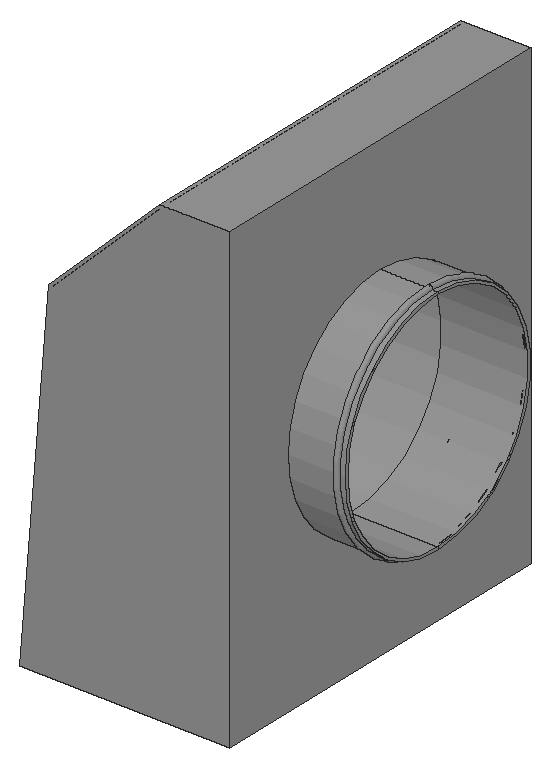
Revit family "ВЦН_ЕС", category Mechanical Equipment, Revit 2021
Family settings
  Round Connector Dimension = Use Diameter
  Classification = None
  Part Type = Normal
  Work Plane-Based = No
  Always vertical = Yes
  Cut with Voids When Loaded = No
  Shared = No
  Room Calculation Point = No
Parameters (values of type "ВЦН 200 ЕС С")
  Ширина = L  # 181.4 mm
  Частота = 50 Hz
  Установлена потужність = Напруга * Струм  # 197.8 VA
  Температура повітря, що переміщається = "-25...+40 °C"
  Струм = 0.86 A
  Статичний тиск повітря [instance] = 0.0 Pa
  Рівень звукового тиску на відстані 3 м = "58 дБА"
  Потужність = 102 W
  Повітряний потік [instance] = 0.0 m³/h
  Default Elevation = 0 mm
  Description = "Зовнішній настінний монтаж"
  Напруга = if(Кількість фаз = 3, 400 V, 230 V)  # 230 V
  Максимальний потік повітря = 755.0 m³/h
  Класифікація навантаження = "HVAC"
  Manufacturer = "Вентс"  # constant formula
  Діаметр = D  # 200 mm
  Довжина = B  # 325 mm
  Горизонт = if(L > 140 mm, (L - 32 mm) / 12 mm - 4, (L - 32 mm) / 12 mm)  # 8
  Висота = H  # 400 mm
  Вертикаль = (B1 - 28 mm) / (2 mm * 12)  # 12
  Вага = 5.30 kg
  h = H / 2  # 200 mm
  b1 = B1 / 2  # 160.5 mm
  URL = "https://vents.ua/ua/product/vcn-100-ec#description"
  R3 = R + 1.5 mm  # 101.5 mm
  R1 = R * 1.3  # 130 mm
  R = D / 2  # 100 mm
  Кількість фаз = 1
  Матеріал зони обслуговуваня = none
  L2 = L1 * 2  # 120.933 mm
  L1 = L / 3  # 60.467 mm
  L = 181.4 mm
  H = 400 mm
  Матеріал корпусу = Метал, пофарбований, синій, матовий RAL 5007
  D = 200 mm
  B1 = B - 4 mm  # 321 mm
  B = 325 mm
  09_Назва системи [instance] = ""
  00_20_Тип = "ВЦН 200 ЕС С"
  00_20_Назва = "Витяжний відцентровий вентилятор"
  00_20_Виробник = "Вентс"  # constant formula
Reference planes
  plane 1 "По центру (Вперед/Назад)": y = 0
  plane 2: z = 0
  plane 3 "По центру (Влево/Вправо)": x = 0
  plane 4: x = -181.4
  plane 5: z = 400
  plane 6: z = 200
Forms (mm)
  Extrusion 1, solid, material "Метал, пофарбований, синій, матовий RAL 5007" <- "Матеріал корпусу"
    sketch origin (0, 0, 0) x (1, 0, 0) y (0, 0, 1)
      loop
        line (0, 0) -> (0, 400) -> (-60.467, 400) -> (-156.184, 304.282) -> (-181.4, 0) -> (0, 0)
    from -162.5 to 162.5
  Extrusion 2, void
    sketch origin (0, 0, 0) x (1, 0, 0) y (0, 0, 1)
      loop
        line (-2, 2) -> (-2, 398) -> (-59.638, 398) -> (-154.252, 303.386) -> (-179.227, 2) -> (-2, 2)
    from -160.5 to 160.5
  Extrusion 3, void
    sketch origin (0, 0, 0) x (1, 0, 0) y (0, 1, 0)
      loop
        line (-121.082, 1) -> (-111.082, 1) -> (-111.082, 11) -> (-121.082, 11) -> (-121.082, 1)
    from 0 to 2
  Extrusion 4, void
    sketch origin (0, 12, 0) x (1, 0, 0) y (0, 1, 0)
      loop
        line (-121.082, 1) -> (-111.082, 1) -> (-111.082, 11) -> (-121.082, 11) -> (-121.082, 1)
    from 0 to 2
  Extrusion 5, void
    sketch origin (0, 24, 0) x (1, 0, 0) y (0, 1, 0)
      loop
        line (-121.082, 1) -> (-111.082, 1) -> (-111.082, 11) -> (-121.082, 11) -> (-121.082, 1)
    from 0 to 2
  Extrusion 6, void
    sketch origin (0, 36, 0) x (1, 0, 0) y (0, 1, 0)
      loop
        line (-121.082, 1) -> (-111.082, 1) -> (-111.082, 11) -> (-121.082, 11) -> (-121.082, 1)
    from 0 to 2
  Extrusion 7, void
    sketch origin (0, 48, 0) x (1, 0, 0) y (0, 1, 0)
      loop
        line (-121.082, 1) -> (-111.082, 1) -> (-111.082, 11) -> (-121.082, 11) -> (-121.082, 1)
    from 0 to 2
  Extrusion 8, void
    sketch origin (0, 60, 0) x (1, 0, 0) y (0, 1, 0)
      loop
        line (-121.082, 1) -> (-111.082, 1) -> (-111.082, 11) -> (-121.082, 11) -> (-121.082, 1)
    from 0 to 2
  Extrusion 9, void
    sketch origin (0, 72, 0) x (1, 0, 0) y (0, 1, 0)
      loop
        line (-121.082, 1) -> (-111.082, 1) -> (-111.082, 11) -> (-121.082, 11) -> (-121.082, 1)
    from 0 to 2
  Extrusion 10, void
    sketch origin (0, 84, 0) x (1, 0, 0) y (0, 1, 0)
      loop
        line (-121.082, 1) -> (-111.082, 1) -> (-111.082, 11) -> (-121.082, 11) -> (-121.082, 1)
    from 0 to 2
  Extrusion 11, void
    sketch origin (0, 96, 0) x (1, 0, 0) y (0, 1, 0)
      loop
        line (-121.082, 1) -> (-111.082, 1) -> (-111.082, 11) -> (-121.082, 11) -> (-121.082, 1)
    from 0 to 2
  Extrusion 12, void, not visible
    sketch origin (0, 0, 0) x (1, 0, 0) y (0, 1, 0)
      loop
        line (-121.082, 1) -> (-111.082, 1) -> (-111.082, 11) -> (-121.082, 11) -> (-121.082, 1)
    from 0 to 2
  Extrusion 13, void
    sketch origin (12, 0, 0) x (1, 0, 0) y (0, 1, 0)
      loop
        line (-121.082, 1) -> (-111.082, 1) -> (-111.082, 11) -> (-121.082, 11) -> (-121.082, 1)
    from 0 to 2
  Extrusion 14, void
    sketch origin (12, 12, 0) x (1, 0, 0) y (0, 1, 0)
      loop
        line (-121.082, 1) -> (-111.082, 1) -> (-111.082, 11) -> (-121.082, 11) -> (-121.082, 1)
    from 0 to 2
  Extrusion 15, void
    sketch origin (12, 24, 0) x (1, 0, 0) y (0, 1, 0)
      loop
        line (-121.082, 1) -> (-111.082, 1) -> (-111.082, 11) -> (-121.082, 11) -> (-121.082, 1)
    from 0 to 2
  Extrusion 16, void
    sketch origin (12, 36, 0) x (1, 0, 0) y (0, 1, 0)
      loop
        line (-121.082, 1) -> (-111.082, 1) -> (-111.082, 11) -> (-121.082, 11) -> (-121.082, 1)
    from 0 to 2
  Extrusion 17, void
    sketch origin (12, 48, 0) x (1, 0, 0) y (0, 1, 0)
      loop
        line (-121.082, 1) -> (-111.082, 1) -> (-111.082, 11) -> (-121.082, 11) -> (-121.082, 1)
    from 0 to 2
  Extrusion 18, void
    sketch origin (12, 60, 0) x (1, 0, 0) y (0, 1, 0)
      loop
        line (-121.082, 1) -> (-111.082, 1) -> (-111.082, 11) -> (-121.082, 11) -> (-121.082, 1)
    from 0 to 2
  Extrusion 19, void
    sketch origin (12, 72, 0) x (1, 0, 0) y (0, 1, 0)
      loop
        line (-121.082, 1) -> (-111.082, 1) -> (-111.082, 11) -> (-121.082, 11) -> (-121.082, 1)
    from 0 to 2
  Extrusion 20, void
    sketch origin (12, 84, 0) x (1, 0, 0) y (0, 1, 0)
      loop
        line (-121.082, 1) -> (-111.082, 1) -> (-111.082, 11) -> (-121.082, 11) -> (-121.082, 1)
    from 0 to 2
  Extrusion 21, void
    sketch origin (12, 96, 0) x (1, 0, 0) y (0, 1, 0)
      loop
        line (-121.082, 1) -> (-111.082, 1) -> (-111.082, 11) -> (-121.082, 11) -> (-121.082, 1)
    from 0 to 2
  Extrusion 22, void
    sketch origin (24, 0, 0) x (1, 0, 0) y (0, 1, 0)
      loop
        line (-121.082, 1) -> (-111.082, 1) -> (-111.082, 11) -> (-121.082, 11) -> (-121.082, 1)
    from 0 to 2
  Extrusion 23, void
    sketch origin (24, 12, 0) x (1, 0, 0) y (0, 1, 0)
      loop
        line (-121.082, 1) -> (-111.082, 1) -> (-111.082, 11) -> (-121.082, 11) -> (-121.082, 1)
    from 0 to 2
  Extrusion 24, void
    sketch origin (24, 24, 0) x (1, 0, 0) y (0, 1, 0)
      loop
        line (-121.082, 1) -> (-111.082, 1) -> (-111.082, 11) -> (-121.082, 11) -> (-121.082, 1)
    from 0 to 2
  Extrusion 25, void
    sketch origin (24, 36, 0) x (1, 0, 0) y (0, 1, 0)
      loop
        line (-121.082, 1) -> (-111.082, 1) -> (-111.082, 11) -> (-121.082, 11) -> (-121.082, 1)
    from 0 to 2
  Extrusion 26, void
    sketch origin (24, 48, 0) x (1, 0, 0) y (0, 1, 0)
      loop
        line (-121.082, 1) -> (-111.082, 1) -> (-111.082, 11) -> (-121.082, 11) -> (-121.082, 1)
    from 0 to 2
  Extrusion 27, void
    sketch origin (24, 60, 0) x (1, 0, 0) y (0, 1, 0)
      loop
        line (-121.082, 1) -> (-111.082, 1) -> (-111.082, 11) -> (-121.082, 11) -> (-121.082, 1)
    from 0 to 2
  Extrusion 28, void
    sketch origin (24, 72, 0) x (1, 0, 0) y (0, 1, 0)
      loop
        line (-121.082, 1) -> (-111.082, 1) -> (-111.082, 11) -> (-121.082, 11) -> (-121.082, 1)
    from 0 to 2
  Extrusion 29, void
    sketch origin (24, 84, 0) x (1, 0, 0) y (0, 1, 0)
      loop
        line (-121.082, 1) -> (-111.082, 1) -> (-111.082, 11) -> (-121.082, 11) -> (-121.082, 1)
    from 0 to 2
  Extrusion 30, void
    sketch origin (24, 96, 0) x (1, 0, 0) y (0, 1, 0)
      loop
        line (-121.082, 1) -> (-111.082, 1) -> (-111.082, 11) -> (-121.082, 11) -> (-121.082, 1)
    from 0 to 2
  Extrusion 31, void
    sketch origin (36, 0, 0) x (1, 0, 0) y (0, 1, 0)
      loop
        line (-121.082, 1) -> (-111.082, 1) -> (-111.082, 11) -> (-121.082, 11) -> (-121.082, 1)
    from 0 to 2
  Extrusion 32, void
    sketch origin (36, 12, 0) x (1, 0, 0) y (0, 1, 0)
      loop
        line (-121.082, 1) -> (-111.082, 1) -> (-111.082, 11) -> (-121.082, 11) -> (-121.082, 1)
    from 0 to 2
  Extrusion 33, void
    sketch origin (36, 24, 0) x (1, 0, 0) y (0, 1, 0)
      loop
        line (-121.082, 1) -> (-111.082, 1) -> (-111.082, 11) -> (-121.082, 11) -> (-121.082, 1)
    from 0 to 2
  Extrusion 34, void
    sketch origin (36, 36, 0) x (1, 0, 0) y (0, 1, 0)
      loop
        line (-121.082, 1) -> (-111.082, 1) -> (-111.082, 11) -> (-121.082, 11) -> (-121.082, 1)
    from 0 to 2
  Extrusion 35, void
    sketch origin (36, 48, 0) x (1, 0, 0) y (0, 1, 0)
      loop
        line (-121.082, 1) -> (-111.082, 1) -> (-111.082, 11) -> (-121.082, 11) -> (-121.082, 1)
    from 0 to 2
  Extrusion 36, void
    sketch origin (36, 60, 0) x (1, 0, 0) y (0, 1, 0)
      loop
        line (-121.082, 1) -> (-111.082, 1) -> (-111.082, 11) -> (-121.082, 11) -> (-121.082, 1)
    from 0 to 2
  Extrusion 37, void
    sketch origin (36, 72, 0) x (1, 0, 0) y (0, 1, 0)
      loop
        line (-121.082, 1) -> (-111.082, 1) -> (-111.082, 11) -> (-121.082, 11) -> (-121.082, 1)
    from 0 to 2
  Extrusion 38, void
    sketch origin (36, 84, 0) x (1, 0, 0) y (0, 1, 0)
      loop
        line (-121.082, 1) -> (-111.082, 1) -> (-111.082, 11) -> (-121.082, 11) -> (-121.082, 1)
    from 0 to 2
  Extrusion 39, void
    sketch origin (36, 96, 0) x (1, 0, 0) y (0, 1, 0)
      loop
        line (-121.082, 1) -> (-111.082, 1) -> (-111.082, 11) -> (-121.082, 11) -> (-121.082, 1)
    from 0 to 2
  Extrusion 40, void
    sketch origin (48, 0, 0) x (1, 0, 0) y (0, 1, 0)
      loop
        line (-121.082, 1) -> (-111.082, 1) -> (-111.082, 11) -> (-121.082, 11) -> (-121.082, 1)
    from 0 to 2
  Extrusion 41, void
    sketch origin (48, 12, 0) x (1, 0, 0) y (0, 1, 0)
      loop
        line (-121.082, 1) -> (-111.082, 1) -> (-111.082, 11) -> (-121.082, 11) -> (-121.082, 1)
    from 0 to 2
  Extrusion 42, void
    sketch origin (48, 24, 0) x (1, 0, 0) y (0, 1, 0)
      loop
        line (-121.082, 1) -> (-111.082, 1) -> (-111.082, 11) -> (-121.082, 11) -> (-121.082, 1)
    from 0 to 2
  Extrusion 43, void
    sketch origin (48, 36, 0) x (1, 0, 0) y (0, 1, 0)
      loop
        line (-121.082, 1) -> (-111.082, 1) -> (-111.082, 11) -> (-121.082, 11) -> (-121.082, 1)
    from 0 to 2
  Extrusion 44, void
    sketch origin (48, 48, 0) x (1, 0, 0) y (0, 1, 0)
      loop
        line (-121.082, 1) -> (-111.082, 1) -> (-111.082, 11) -> (-121.082, 11) -> (-121.082, 1)
    from 0 to 2
  Extrusion 45, void
    sketch origin (48, 60, 0) x (1, 0, 0) y (0, 1, 0)
      loop
        line (-121.082, 1) -> (-111.082, 1) -> (-111.082, 11) -> (-121.082, 11) -> (-121.082, 1)
    from 0 to 2
  Extrusion 46, void
    sketch origin (48, 72, 0) x (1, 0, 0) y (0, 1, 0)
      loop
        line (-121.082, 1) -> (-111.082, 1) -> (-111.082, 11) -> (-121.082, 11) -> (-121.082, 1)
    from 0 to 2
  Extrusion 47, void
    sketch origin (48, 84, 0) x (1, 0, 0) y (0, 1, 0)
      loop
        line (-121.082, 1) -> (-111.082, 1) -> (-111.082, 11) -> (-121.082, 11) -> (-121.082, 1)
    from 0 to 2
  Extrusion 48, void
    sketch origin (48, 96, 0) x (1, 0, 0) y (0, 1, 0)
      loop
        line (-121.082, 1) -> (-111.082, 1) -> (-111.082, 11) -> (-121.082, 11) -> (-121.082, 1)
    from 0 to 2
  Extrusion 49, void
    sketch origin (60, 0, 0) x (1, 0, 0) y (0, 1, 0)
      loop
        line (-121.082, 1) -> (-111.082, 1) -> (-111.082, 11) -> (-121.082, 11) -> (-121.082, 1)
    from 0 to 2
  Extrusion 50, void
    sketch origin (60, 12, 0) x (1, 0, 0) y (0, 1, 0)
      loop
        line (-121.082, 1) -> (-111.082, 1) -> (-111.082, 11) -> (-121.082, 11) -> (-121.082, 1)
    from 0 to 2
  Extrusion 51, void
    sketch origin (60, 24, 0) x (1, 0, 0) y (0, 1, 0)
      loop
        line (-121.082, 1) -> (-111.082, 1) -> (-111.082, 11) -> (-121.082, 11) -> (-121.082, 1)
    from 0 to 2
  Extrusion 52, void
    sketch origin (60, 36, 0) x (1, 0, 0) y (0, 1, 0)
      loop
        line (-121.082, 1) -> (-111.082, 1) -> (-111.082, 11) -> (-121.082, 11) -> (-121.082, 1)
    from 0 to 2
  Extrusion 53, void
    sketch origin (60, 48, 0) x (1, 0, 0) y (0, 1, 0)
      loop
        line (-121.082, 1) -> (-111.082, 1) -> (-111.082, 11) -> (-121.082, 11) -> (-121.082, 1)
    from 0 to 2
  Extrusion 54, void
    sketch origin (60, 60, 0) x (1, 0, 0) y (0, 1, 0)
      loop
        line (-121.082, 1) -> (-111.082, 1) -> (-111.082, 11) -> (-121.082, 11) -> (-121.082, 1)
    from 0 to 2
  Extrusion 55, void
    sketch origin (60, 72, 0) x (1, 0, 0) y (0, 1, 0)
      loop
        line (-121.082, 1) -> (-111.082, 1) -> (-111.082, 11) -> (-121.082, 11) -> (-121.082, 1)
    from 0 to 2
  Extrusion 56, void
    sketch origin (60, 84, 0) x (1, 0, 0) y (0, 1, 0)
      loop
        line (-121.082, 1) -> (-111.082, 1) -> (-111.082, 11) -> (-121.082, 11) -> (-121.082, 1)
    from 0 to 2
  Extrusion 57, void
    sketch origin (60, 96, 0) x (1, 0, 0) y (0, 1, 0)
      loop
        line (-121.082, 1) -> (-111.082, 1) -> (-111.082, 11) -> (-121.082, 11) -> (-121.082, 1)
    from 0 to 2
  Extrusion 58, void
    sketch origin (72, 0, 0) x (1, 0, 0) y (0, 1, 0)
      loop
        line (-121.082, 1) -> (-111.082, 1) -> (-111.082, 11) -> (-121.082, 11) -> (-121.082, 1)
    from 0 to 2
  Extrusion 59, void
    sketch origin (72, 12, 0) x (1, 0, 0) y (0, 1, 0)
      loop
        line (-121.082, 1) -> (-111.082, 1) -> (-111.082, 11) -> (-121.082, 11) -> (-121.082, 1)
    from 0 to 2
  Extrusion 60, void
    sketch origin (72, 24, 0) x (1, 0, 0) y (0, 1, 0)
      loop
        line (-121.082, 1) -> (-111.082, 1) -> (-111.082, 11) -> (-121.082, 11) -> (-121.082, 1)
    from 0 to 2
  Extrusion 61, void
    sketch origin (72, 36, 0) x (1, 0, 0) y (0, 1, 0)
      loop
        line (-121.082, 1) -> (-111.082, 1) -> (-111.082, 11) -> (-121.082, 11) -> (-121.082, 1)
    from 0 to 2
  Extrusion 62, void
    sketch origin (72, 48, 0) x (1, 0, 0) y (0, 1, 0)
      loop
        line (-121.082, 1) -> (-111.082, 1) -> (-111.082, 11) -> (-121.082, 11) -> (-121.082, 1)
    from 0 to 2
  Extrusion 63, void
    sketch origin (72, 60, 0) x (1, 0, 0) y (0, 1, 0)
      loop
        line (-121.082, 1) -> (-111.082, 1) -> (-111.082, 11) -> (-121.082, 11) -> (-121.082, 1)
    from 0 to 2
  Extrusion 64, void
    sketch origin (72, 72, 0) x (1, 0, 0) y (0, 1, 0)
      loop
        line (-121.082, 1) -> (-111.082, 1) -> (-111.082, 11) -> (-121.082, 11) -> (-121.082, 1)
    from 0 to 2
  Extrusion 65, void
    sketch origin (72, 84, 0) x (1, 0, 0) y (0, 1, 0)
      loop
        line (-121.082, 1) -> (-111.082, 1) -> (-111.082, 11) -> (-121.082, 11) -> (-121.082, 1)
    from 0 to 2
  Extrusion 66, void
    sketch origin (72, 96, 0) x (1, 0, 0) y (0, 1, 0)
      loop
        line (-121.082, 1) -> (-111.082, 1) -> (-111.082, 11) -> (-121.082, 11) -> (-121.082, 1)
    from 0 to 2
  Extrusion 67, void
    sketch origin (84, 0, 0) x (1, 0, 0) y (0, 1, 0)
      loop
        line (-121.082, 1) -> (-111.082, 1) -> (-111.082, 11) -> (-121.082, 11) -> (-121.082, 1)
    from 0 to 2
  Extrusion 68, void
    sketch origin (84, 12, 0) x (1, 0, 0) y (0, 1, 0)
      loop
        line (-121.082, 1) -> (-111.082, 1) -> (-111.082, 11) -> (-121.082, 11) -> (-121.082, 1)
    from 0 to 2
  Extrusion 69, void
    sketch origin (84, 24, 0) x (1, 0, 0) y (0, 1, 0)
      loop
        line (-121.082, 1) -> (-111.082, 1) -> (-111.082, 11) -> (-121.082, 11) -> (-121.082, 1)
    from 0 to 2
  Extrusion 70, void
    sketch origin (84, 36, 0) x (1, 0, 0) y (0, 1, 0)
      loop
        line (-121.082, 1) -> (-111.082, 1) -> (-111.082, 11) -> (-121.082, 11) -> (-121.082, 1)
    from 0 to 2
  Extrusion 71, void
    sketch origin (84, 48, 0) x (1, 0, 0) y (0, 1, 0)
      loop
        line (-121.082, 1) -> (-111.082, 1) -> (-111.082, 11) -> (-121.082, 11) -> (-121.082, 1)
    from 0 to 2
  Extrusion 72, void
    sketch origin (84, 60, 0) x (1, 0, 0) y (0, 1, 0)
      loop
        line (-121.082, 1) -> (-111.082, 1) -> (-111.082, 11) -> (-121.082, 11) -> (-121.082, 1)
    from 0 to 2
  Extrusion 73, void
    sketch origin (84, 72, 0) x (1, 0, 0) y (0, 1, 0)
      loop
        line (-121.082, 1) -> (-111.082, 1) -> (-111.082, 11) -> (-121.082, 11) -> (-121.082, 1)
    from 0 to 2
  Extrusion 74, void
    sketch origin (84, 84, 0) x (1, 0, 0) y (0, 1, 0)
      loop
        line (-121.082, 1) -> (-111.082, 1) -> (-111.082, 11) -> (-121.082, 11) -> (-121.082, 1)
    from 0 to 2
  Extrusion 75, void
    sketch origin (84, 96, 0) x (1, 0, 0) y (0, 1, 0)
      loop
        line (-121.082, 1) -> (-111.082, 1) -> (-111.082, 11) -> (-121.082, 11) -> (-121.082, 1)
    from 0 to 2
  Extrusion 76, void
    sketch origin (0, 0, 0) x (1, 0, 0) y (0, 1, 0)
      loop
        line (-120.879, -0.994) -> (-120.879, -10.994) -> (-110.879, -10.994) -> (-110.879, -0.994) -> (-120.879, -0.994)
    from 0 to 2
  Extrusion 77, void
    sketch origin (12, 0, 0) x (1, 0, 0) y (0, 1, 0)
      loop
        line (-120.879, -0.994) -> (-120.879, -10.994) -> (-110.879, -10.994) -> (-110.879, -0.994) -> (-120.879, -0.994)
    from 0 to 2
  Extrusion 78, void
    sketch origin (24, 0, 0) x (1, 0, 0) y (0, 1, 0)
      loop
        line (-120.879, -0.994) -> (-120.879, -10.994) -> (-110.879, -10.994) -> (-110.879, -0.994) -> (-120.879, -0.994)
    from 0 to 2
  Extrusion 79, void
    sketch origin (36, 0, 0) x (1, 0, 0) y (0, 1, 0)
      loop
        line (-120.879, -0.994) -> (-120.879, -10.994) -> (-110.879, -10.994) -> (-110.879, -0.994) -> (-120.879, -0.994)
    from 0 to 2
  Extrusion 80, void
    sketch origin (48, 0, 0) x (1, 0, 0) y (0, 1, 0)
      loop
        line (-120.879, -0.994) -> (-120.879, -10.994) -> (-110.879, -10.994) -> (-110.879, -0.994) -> (-120.879, -0.994)
    from 0 to 2
  Extrusion 81, void
    sketch origin (60, 0, 0) x (1, 0, 0) y (0, 1, 0)
      loop
        line (-120.879, -0.994) -> (-120.879, -10.994) -> (-110.879, -10.994) -> (-110.879, -0.994) -> (-120.879, -0.994)
    from 0 to 2
  Extrusion 82, void
    sketch origin (72, 0, 0) x (1, 0, 0) y (0, 1, 0)
      loop
        line (-120.879, -0.994) -> (-120.879, -10.994) -> (-110.879, -10.994) -> (-110.879, -0.994) -> (-120.879, -0.994)
    from 0 to 2
  Extrusion 83, void
    sketch origin (84, 0, 0) x (1, 0, 0) y (0, 1, 0)
      loop
        line (-120.879, -0.994) -> (-120.879, -10.994) -> (-110.879, -10.994) -> (-110.879, -0.994) -> (-120.879, -0.994)
    from 0 to 2
  Extrusion 84, void, not visible
    sketch origin (0, 0, 0) x (1, 0, 0) y (0, 1, 0)
      loop
        line (-120.879, -0.994) -> (-120.879, -10.994) -> (-110.879, -10.994) -> (-110.879, -0.994) -> (-120.879, -0.994)
    from 0 to 2
  Extrusion 85, void
    sketch origin (0, -12, 0) x (1, 0, 0) y (0, 1, 0)
      loop
        line (-120.879, -0.994) -> (-120.879, -10.994) -> (-110.879, -10.994) -> (-110.879, -0.994) -> (-120.879, -0.994)
    from 0 to 2
  Extrusion 86, void
    sketch origin (12, -12, 0) x (1, 0, 0) y (0, 1, 0)
      loop
        line (-120.879, -0.994) -> (-120.879, -10.994) -> (-110.879, -10.994) -> (-110.879, -0.994) -> (-120.879, -0.994)
    from 0 to 2
  Extrusion 87, void
    sketch origin (24, -12, 0) x (1, 0, 0) y (0, 1, 0)
      loop
        line (-120.879, -0.994) -> (-120.879, -10.994) -> (-110.879, -10.994) -> (-110.879, -0.994) -> (-120.879, -0.994)
    from 0 to 2
  Extrusion 88, void
    sketch origin (36, -12, 0) x (1, 0, 0) y (0, 1, 0)
      loop
        line (-120.879, -0.994) -> (-120.879, -10.994) -> (-110.879, -10.994) -> (-110.879, -0.994) -> (-120.879, -0.994)
    from 0 to 2
  Extrusion 89, void
    sketch origin (48, -12, 0) x (1, 0, 0) y (0, 1, 0)
      loop
        line (-120.879, -0.994) -> (-120.879, -10.994) -> (-110.879, -10.994) -> (-110.879, -0.994) -> (-120.879, -0.994)
    from 0 to 2
  Extrusion 90, void
    sketch origin (60, -12, 0) x (1, 0, 0) y (0, 1, 0)
      loop
        line (-120.879, -0.994) -> (-120.879, -10.994) -> (-110.879, -10.994) -> (-110.879, -0.994) -> (-120.879, -0.994)
    from 0 to 2
  Extrusion 91, void
    sketch origin (72, -12, 0) x (1, 0, 0) y (0, 1, 0)
      loop
        line (-120.879, -0.994) -> (-120.879, -10.994) -> (-110.879, -10.994) -> (-110.879, -0.994) -> (-120.879, -0.994)
    from 0 to 2
  Extrusion 92, void
    sketch origin (84, -12, 0) x (1, 0, 0) y (0, 1, 0)
      loop
        line (-120.879, -0.994) -> (-120.879, -10.994) -> (-110.879, -10.994) -> (-110.879, -0.994) -> (-120.879, -0.994)
    from 0 to 2
  Extrusion 93, void
    sketch origin (0, -24, 0) x (1, 0, 0) y (0, 1, 0)
      loop
        line (-120.879, -0.994) -> (-120.879, -10.994) -> (-110.879, -10.994) -> (-110.879, -0.994) -> (-120.879, -0.994)
    from 0 to 2
  Extrusion 94, void
    sketch origin (12, -24, 0) x (1, 0, 0) y (0, 1, 0)
      loop
        line (-120.879, -0.994) -> (-120.879, -10.994) -> (-110.879, -10.994) -> (-110.879, -0.994) -> (-120.879, -0.994)
    from 0 to 2
  Extrusion 95, void
    sketch origin (24, -24, 0) x (1, 0, 0) y (0, 1, 0)
      loop
        line (-120.879, -0.994) -> (-120.879, -10.994) -> (-110.879, -10.994) -> (-110.879, -0.994) -> (-120.879, -0.994)
    from 0 to 2
  Extrusion 96, void
    sketch origin (36, -24, 0) x (1, 0, 0) y (0, 1, 0)
      loop
        line (-120.879, -0.994) -> (-120.879, -10.994) -> (-110.879, -10.994) -> (-110.879, -0.994) -> (-120.879, -0.994)
    from 0 to 2
  Extrusion 97, void
    sketch origin (48, -24, 0) x (1, 0, 0) y (0, 1, 0)
      loop
        line (-120.879, -0.994) -> (-120.879, -10.994) -> (-110.879, -10.994) -> (-110.879, -0.994) -> (-120.879, -0.994)
    from 0 to 2
  Extrusion 98, void
    sketch origin (60, -24, 0) x (1, 0, 0) y (0, 1, 0)
      loop
        line (-120.879, -0.994) -> (-120.879, -10.994) -> (-110.879, -10.994) -> (-110.879, -0.994) -> (-120.879, -0.994)
    from 0 to 2
  Extrusion 99, void
    sketch origin (72, -24, 0) x (1, 0, 0) y (0, 1, 0)
      loop
        line (-120.879, -0.994) -> (-120.879, -10.994) -> (-110.879, -10.994) -> (-110.879, -0.994) -> (-120.879, -0.994)
    from 0 to 2
  Extrusion 100, void
    sketch origin (84, -24, 0) x (1, 0, 0) y (0, 1, 0)
      loop
        line (-120.879, -0.994) -> (-120.879, -10.994) -> (-110.879, -10.994) -> (-110.879, -0.994) -> (-120.879, -0.994)
    from 0 to 2
  Extrusion 101, void
    sketch origin (0, -36, 0) x (1, 0, 0) y (0, 1, 0)
      loop
        line (-120.879, -0.994) -> (-120.879, -10.994) -> (-110.879, -10.994) -> (-110.879, -0.994) -> (-120.879, -0.994)
    from 0 to 2
  Extrusion 102, void
    sketch origin (12, -36, 0) x (1, 0, 0) y (0, 1, 0)
      loop
        line (-120.879, -0.994) -> (-120.879, -10.994) -> (-110.879, -10.994) -> (-110.879, -0.994) -> (-120.879, -0.994)
    from 0 to 2
  Extrusion 103, void
    sketch origin (24, -36, 0) x (1, 0, 0) y (0, 1, 0)
      loop
        line (-120.879, -0.994) -> (-120.879, -10.994) -> (-110.879, -10.994) -> (-110.879, -0.994) -> (-120.879, -0.994)
    from 0 to 2
  Extrusion 104, void
    sketch origin (36, -36, 0) x (1, 0, 0) y (0, 1, 0)
      loop
        line (-120.879, -0.994) -> (-120.879, -10.994) -> (-110.879, -10.994) -> (-110.879, -0.994) -> (-120.879, -0.994)
    from 0 to 2
  Extrusion 105, void
    sketch origin (48, -36, 0) x (1, 0, 0) y (0, 1, 0)
      loop
        line (-120.879, -0.994) -> (-120.879, -10.994) -> (-110.879, -10.994) -> (-110.879, -0.994) -> (-120.879, -0.994)
    from 0 to 2
  Extrusion 106, void
    sketch origin (60, -36, 0) x (1, 0, 0) y (0, 1, 0)
      loop
        line (-120.879, -0.994) -> (-120.879, -10.994) -> (-110.879, -10.994) -> (-110.879, -0.994) -> (-120.879, -0.994)
    from 0 to 2
  Extrusion 107, void
    sketch origin (72, -36, 0) x (1, 0, 0) y (0, 1, 0)
      loop
        line (-120.879, -0.994) -> (-120.879, -10.994) -> (-110.879, -10.994) -> (-110.879, -0.994) -> (-120.879, -0.994)
    from 0 to 2
  Extrusion 108, void
    sketch origin (84, -36, 0) x (1, 0, 0) y (0, 1, 0)
      loop
        line (-120.879, -0.994) -> (-120.879, -10.994) -> (-110.879, -10.994) -> (-110.879, -0.994) -> (-120.879, -0.994)
    from 0 to 2
  Extrusion 109, void
    sketch origin (0, -48, 0) x (1, 0, 0) y (0, 1, 0)
      loop
        line (-120.879, -0.994) -> (-120.879, -10.994) -> (-110.879, -10.994) -> (-110.879, -0.994) -> (-120.879, -0.994)
    from 0 to 2
  Extrusion 110, void
    sketch origin (12, -48, 0) x (1, 0, 0) y (0, 1, 0)
      loop
        line (-120.879, -0.994) -> (-120.879, -10.994) -> (-110.879, -10.994) -> (-110.879, -0.994) -> (-120.879, -0.994)
    from 0 to 2
  Extrusion 111, void
    sketch origin (24, -48, 0) x (1, 0, 0) y (0, 1, 0)
      loop
        line (-120.879, -0.994) -> (-120.879, -10.994) -> (-110.879, -10.994) -> (-110.879, -0.994) -> (-120.879, -0.994)
    from 0 to 2
  Extrusion 112, void
    sketch origin (36, -48, 0) x (1, 0, 0) y (0, 1, 0)
      loop
        line (-120.879, -0.994) -> (-120.879, -10.994) -> (-110.879, -10.994) -> (-110.879, -0.994) -> (-120.879, -0.994)
    from 0 to 2
  Extrusion 113, void
    sketch origin (48, -48, 0) x (1, 0, 0) y (0, 1, 0)
      loop
        line (-120.879, -0.994) -> (-120.879, -10.994) -> (-110.879, -10.994) -> (-110.879, -0.994) -> (-120.879, -0.994)
    from 0 to 2
  Extrusion 114, void
    sketch origin (60, -48, 0) x (1, 0, 0) y (0, 1, 0)
      loop
        line (-120.879, -0.994) -> (-120.879, -10.994) -> (-110.879, -10.994) -> (-110.879, -0.994) -> (-120.879, -0.994)
    from 0 to 2
  Extrusion 115, void
    sketch origin (72, -48, 0) x (1, 0, 0) y (0, 1, 0)
      loop
        line (-120.879, -0.994) -> (-120.879, -10.994) -> (-110.879, -10.994) -> (-110.879, -0.994) -> (-120.879, -0.994)
    from 0 to 2
  Extrusion 116, void
    sketch origin (84, -48, 0) x (1, 0, 0) y (0, 1, 0)
      loop
        line (-120.879, -0.994) -> (-120.879, -10.994) -> (-110.879, -10.994) -> (-110.879, -0.994) -> (-120.879, -0.994)
    from 0 to 2
  Extrusion 117, void
    sketch origin (0, -60, 0) x (1, 0, 0) y (0, 1, 0)
      loop
        line (-120.879, -0.994) -> (-120.879, -10.994) -> (-110.879, -10.994) -> (-110.879, -0.994) -> (-120.879, -0.994)
    from 0 to 2
  Extrusion 118, void
    sketch origin (12, -60, 0) x (1, 0, 0) y (0, 1, 0)
      loop
        line (-120.879, -0.994) -> (-120.879, -10.994) -> (-110.879, -10.994) -> (-110.879, -0.994) -> (-120.879, -0.994)
    from 0 to 2
  Extrusion 119, void
    sketch origin (24, -60, 0) x (1, 0, 0) y (0, 1, 0)
      loop
        line (-120.879, -0.994) -> (-120.879, -10.994) -> (-110.879, -10.994) -> (-110.879, -0.994) -> (-120.879, -0.994)
    from 0 to 2
  Extrusion 120, void
    sketch origin (36, -60, 0) x (1, 0, 0) y (0, 1, 0)
      loop
        line (-120.879, -0.994) -> (-120.879, -10.994) -> (-110.879, -10.994) -> (-110.879, -0.994) -> (-120.879, -0.994)
    from 0 to 2
  Extrusion 121, void
    sketch origin (48, -60, 0) x (1, 0, 0) y (0, 1, 0)
      loop
        line (-120.879, -0.994) -> (-120.879, -10.994) -> (-110.879, -10.994) -> (-110.879, -0.994) -> (-120.879, -0.994)
    from 0 to 2
  Extrusion 122, void
    sketch origin (60, -60, 0) x (1, 0, 0) y (0, 1, 0)
      loop
        line (-120.879, -0.994) -> (-120.879, -10.994) -> (-110.879, -10.994) -> (-110.879, -0.994) -> (-120.879, -0.994)
    from 0 to 2
  Extrusion 123, void
    sketch origin (72, -60, 0) x (1, 0, 0) y (0, 1, 0)
      loop
        line (-120.879, -0.994) -> (-120.879, -10.994) -> (-110.879, -10.994) -> (-110.879, -0.994) -> (-120.879, -0.994)
    from 0 to 2
  Extrusion 124, void
    sketch origin (84, -60, 0) x (1, 0, 0) y (0, 1, 0)
      loop
        line (-120.879, -0.994) -> (-120.879, -10.994) -> (-110.879, -10.994) -> (-110.879, -0.994) -> (-120.879, -0.994)
    from 0 to 2
  Extrusion 125, void
    sketch origin (0, -72, 0) x (1, 0, 0) y (0, 1, 0)
      loop
        line (-120.879, -0.994) -> (-120.879, -10.994) -> (-110.879, -10.994) -> (-110.879, -0.994) -> (-120.879, -0.994)
    from 0 to 2
  Extrusion 126, void
    sketch origin (12, -72, 0) x (1, 0, 0) y (0, 1, 0)
      loop
        line (-120.879, -0.994) -> (-120.879, -10.994) -> (-110.879, -10.994) -> (-110.879, -0.994) -> (-120.879, -0.994)
    from 0 to 2
  Extrusion 127, void
    sketch origin (24, -72, 0) x (1, 0, 0) y (0, 1, 0)
      loop
        line (-120.879, -0.994) -> (-120.879, -10.994) -> (-110.879, -10.994) -> (-110.879, -0.994) -> (-120.879, -0.994)
    from 0 to 2
  Extrusion 128, void
    sketch origin (36, -72, 0) x (1, 0, 0) y (0, 1, 0)
      loop
        line (-120.879, -0.994) -> (-120.879, -10.994) -> (-110.879, -10.994) -> (-110.879, -0.994) -> (-120.879, -0.994)
    from 0 to 2
  Extrusion 129, void
    sketch origin (48, -72, 0) x (1, 0, 0) y (0, 1, 0)
      loop
        line (-120.879, -0.994) -> (-120.879, -10.994) -> (-110.879, -10.994) -> (-110.879, -0.994) -> (-120.879, -0.994)
    from 0 to 2
  Extrusion 130, void
    sketch origin (60, -72, 0) x (1, 0, 0) y (0, 1, 0)
      loop
        line (-120.879, -0.994) -> (-120.879, -10.994) -> (-110.879, -10.994) -> (-110.879, -0.994) -> (-120.879, -0.994)
    from 0 to 2
  Extrusion 131, void
    sketch origin (72, -72, 0) x (1, 0, 0) y (0, 1, 0)
      loop
        line (-120.879, -0.994) -> (-120.879, -10.994) -> (-110.879, -10.994) -> (-110.879, -0.994) -> (-120.879, -0.994)
    from 0 to 2
  Extrusion 132, void
    sketch origin (84, -72, 0) x (1, 0, 0) y (0, 1, 0)
      loop
        line (-120.879, -0.994) -> (-120.879, -10.994) -> (-110.879, -10.994) -> (-110.879, -0.994) -> (-120.879, -0.994)
    from 0 to 2
  Extrusion 133, void
    sketch origin (0, -84, 0) x (1, 0, 0) y (0, 1, 0)
      loop
        line (-120.879, -0.994) -> (-120.879, -10.994) -> (-110.879, -10.994) -> (-110.879, -0.994) -> (-120.879, -0.994)
    from 0 to 2
  Extrusion 134, void
    sketch origin (12, -84, 0) x (1, 0, 0) y (0, 1, 0)
      loop
        line (-120.879, -0.994) -> (-120.879, -10.994) -> (-110.879, -10.994) -> (-110.879, -0.994) -> (-120.879, -0.994)
    from 0 to 2
  Extrusion 135, void
    sketch origin (24, -84, 0) x (1, 0, 0) y (0, 1, 0)
      loop
        line (-120.879, -0.994) -> (-120.879, -10.994) -> (-110.879, -10.994) -> (-110.879, -0.994) -> (-120.879, -0.994)
    from 0 to 2
  Extrusion 136, void
    sketch origin (36, -84, 0) x (1, 0, 0) y (0, 1, 0)
      loop
        line (-120.879, -0.994) -> (-120.879, -10.994) -> (-110.879, -10.994) -> (-110.879, -0.994) -> (-120.879, -0.994)
    from 0 to 2
  Extrusion 137, void
    sketch origin (48, -84, 0) x (1, 0, 0) y (0, 1, 0)
      loop
        line (-120.879, -0.994) -> (-120.879, -10.994) -> (-110.879, -10.994) -> (-110.879, -0.994) -> (-120.879, -0.994)
    from 0 to 2
  Extrusion 138, void
    sketch origin (60, -84, 0) x (1, 0, 0) y (0, 1, 0)
      loop
        line (-120.879, -0.994) -> (-120.879, -10.994) -> (-110.879, -10.994) -> (-110.879, -0.994) -> (-120.879, -0.994)
    from 0 to 2
  Extrusion 139, void
    sketch origin (72, -84, 0) x (1, 0, 0) y (0, 1, 0)
      loop
        line (-120.879, -0.994) -> (-120.879, -10.994) -> (-110.879, -10.994) -> (-110.879, -0.994) -> (-120.879, -0.994)
    from 0 to 2
  Extrusion 140, void
    sketch origin (84, -84, 0) x (1, 0, 0) y (0, 1, 0)
      loop
        line (-120.879, -0.994) -> (-120.879, -10.994) -> (-110.879, -10.994) -> (-110.879, -0.994) -> (-120.879, -0.994)
    from 0 to 2
  Extrusion 141, void
    sketch origin (0, -96, 0) x (1, 0, 0) y (0, 1, 0)
      loop
        line (-120.879, -0.994) -> (-120.879, -10.994) -> (-110.879, -10.994) -> (-110.879, -0.994) -> (-120.879, -0.994)
    from 0 to 2
  Extrusion 142, void
    sketch origin (12, -96, 0) x (1, 0, 0) y (0, 1, 0)
      loop
        line (-120.879, -0.994) -> (-120.879, -10.994) -> (-110.879, -10.994) -> (-110.879, -0.994) -> (-120.879, -0.994)
    from 0 to 2
  Extrusion 143, void
    sketch origin (24, -96, 0) x (1, 0, 0) y (0, 1, 0)
      loop
        line (-120.879, -0.994) -> (-120.879, -10.994) -> (-110.879, -10.994) -> (-110.879, -0.994) -> (-120.879, -0.994)
    from 0 to 2
  Extrusion 144, void
    sketch origin (36, -96, 0) x (1, 0, 0) y (0, 1, 0)
      loop
        line (-120.879, -0.994) -> (-120.879, -10.994) -> (-110.879, -10.994) -> (-110.879, -0.994) -> (-120.879, -0.994)
    from 0 to 2
  Extrusion 145, void
    sketch origin (48, -96, 0) x (1, 0, 0) y (0, 1, 0)
      loop
        line (-120.879, -0.994) -> (-120.879, -10.994) -> (-110.879, -10.994) -> (-110.879, -0.994) -> (-120.879, -0.994)
    from 0 to 2
  Extrusion 146, void
    sketch origin (60, -96, 0) x (1, 0, 0) y (0, 1, 0)
      loop
        line (-120.879, -0.994) -> (-120.879, -10.994) -> (-110.879, -10.994) -> (-110.879, -0.994) -> (-120.879, -0.994)
    from 0 to 2
  Extrusion 147, void
    sketch origin (72, -96, 0) x (1, 0, 0) y (0, 1, 0)
      loop
        line (-120.879, -0.994) -> (-120.879, -10.994) -> (-110.879, -10.994) -> (-110.879, -0.994) -> (-120.879, -0.994)
    from 0 to 2
  Extrusion 148, void
    sketch origin (84, -96, 0) x (1, 0, 0) y (0, 1, 0)
      loop
        line (-120.879, -0.994) -> (-120.879, -10.994) -> (-110.879, -10.994) -> (-110.879, -0.994) -> (-120.879, -0.994)
    from 0 to 2
  Extrusion 149, void
    sketch origin (0, 0, 0) x (0, 1, 0) y (0, 0, 1)
      loop
        circle (0, 200) r 100
    from 0 to -2
  Revolve 150, solid, material "Метал, пофарбований, синій, матовий RAL 5007" <- "Матеріал корпусу"
    sketch origin (0, 0, 0) x (1, 0, 0) y (0, 0, 1)
      loop
        line (-120.933, 200) -> (-120.933, 70) -> (-23.14, 70) -> (-23.14, 100) -> (50, 100) -> (50, 102) -> (-25.14, 102) -> (-25.14, 72) -> (-118.933, 72) -> (-118.933, 170) -> (-51.766, 170)
        arc (-51.766, 170) -> (-43.446, 173.446) -> (-40, 181.766) r 11.766
        line (-40, 181.766) -> (-40, 200) -> (-120.933, 200)
      axis (-120.933, 200) -> (50, 200)
    angle from 0 to 360
  Revolve 151, solid, material "Каучук, черный"
    sketch origin (0, 0, 0) x (1, 0, 0) y (0, 0, 1)
      loop
        line (40, 300) -> (45, 300)
        arc (45, 300) -> (42.5, 302.5) -> (40, 300) r 2.5
      axis (40, 200) -> (45, 200)
    angle from 0 to 360
  Extrusion 152, void
    sketch origin (0, 108, 0) x (1, 0, 0) y (0, 1, 0)
      loop
        line (-121.082, 1) -> (-111.082, 1) -> (-111.082, 11) -> (-121.082, 11) -> (-121.082, 1)
    from 0 to 2
  Extrusion 153, void
    sketch origin (0, 120, 0) x (1, 0, 0) y (0, 1, 0)
      loop
        line (-121.082, 1) -> (-111.082, 1) -> (-111.082, 11) -> (-121.082, 11) -> (-121.082, 1)
    from 0 to 2
  Extrusion 154, void
    sketch origin (0, 132, 0) x (1, 0, 0) y (0, 1, 0)
      loop
        line (-121.082, 1) -> (-111.082, 1) -> (-111.082, 11) -> (-121.082, 11) -> (-121.082, 1)
    from 0 to 2
  Extrusion 155, void
    sketch origin (12, 108, 0) x (1, 0, 0) y (0, 1, 0)
      loop
        line (-121.082, 1) -> (-111.082, 1) -> (-111.082, 11) -> (-121.082, 11) -> (-121.082, 1)
    from 0 to 2
  Extrusion 156, void
    sketch origin (12, 120, 0) x (1, 0, 0) y (0, 1, 0)
      loop
        line (-121.082, 1) -> (-111.082, 1) -> (-111.082, 11) -> (-121.082, 11) -> (-121.082, 1)
    from 0 to 2
  Extrusion 157, void
    sketch origin (12, 132, 0) x (1, 0, 0) y (0, 1, 0)
      loop
        line (-121.082, 1) -> (-111.082, 1) -> (-111.082, 11) -> (-121.082, 11) -> (-121.082, 1)
    from 0 to 2
  Extrusion 158, void
    sketch origin (24, 108, 0) x (1, 0, 0) y (0, 1, 0)
      loop
        line (-121.082, 1) -> (-111.082, 1) -> (-111.082, 11) -> (-121.082, 11) -> (-121.082, 1)
    from 0 to 2
  Extrusion 159, void
    sketch origin (24, 120, 0) x (1, 0, 0) y (0, 1, 0)
      loop
        line (-121.082, 1) -> (-111.082, 1) -> (-111.082, 11) -> (-121.082, 11) -> (-121.082, 1)
    from 0 to 2
  Extrusion 160, void
    sketch origin (24, 132, 0) x (1, 0, 0) y (0, 1, 0)
      loop
        line (-121.082, 1) -> (-111.082, 1) -> (-111.082, 11) -> (-121.082, 11) -> (-121.082, 1)
    from 0 to 2
  Extrusion 161, void
    sketch origin (36, 108, 0) x (1, 0, 0) y (0, 1, 0)
      loop
        line (-121.082, 1) -> (-111.082, 1) -> (-111.082, 11) -> (-121.082, 11) -> (-121.082, 1)
    from 0 to 2
  Extrusion 162, void
    sketch origin (36, 120, 0) x (1, 0, 0) y (0, 1, 0)
      loop
        line (-121.082, 1) -> (-111.082, 1) -> (-111.082, 11) -> (-121.082, 11) -> (-121.082, 1)
    from 0 to 2
  Extrusion 163, void
    sketch origin (36, 132, 0) x (1, 0, 0) y (0, 1, 0)
      loop
        line (-121.082, 1) -> (-111.082, 1) -> (-111.082, 11) -> (-121.082, 11) -> (-121.082, 1)
    from 0 to 2
  Extrusion 164, void
    sketch origin (48, 108, 0) x (1, 0, 0) y (0, 1, 0)
      loop
        line (-121.082, 1) -> (-111.082, 1) -> (-111.082, 11) -> (-121.082, 11) -> (-121.082, 1)
    from 0 to 2
  Extrusion 165, void
    sketch origin (48, 120, 0) x (1, 0, 0) y (0, 1, 0)
      loop
        line (-121.082, 1) -> (-111.082, 1) -> (-111.082, 11) -> (-121.082, 11) -> (-121.082, 1)
    from 0 to 2
  Extrusion 166, void
    sketch origin (48, 132, 0) x (1, 0, 0) y (0, 1, 0)
      loop
        line (-121.082, 1) -> (-111.082, 1) -> (-111.082, 11) -> (-121.082, 11) -> (-121.082, 1)
    from 0 to 2
  Extrusion 167, void
    sketch origin (60, 108, 0) x (1, 0, 0) y (0, 1, 0)
      loop
        line (-121.082, 1) -> (-111.082, 1) -> (-111.082, 11) -> (-121.082, 11) -> (-121.082, 1)
    from 0 to 2
  Extrusion 168, void
    sketch origin (60, 120, 0) x (1, 0, 0) y (0, 1, 0)
      loop
        line (-121.082, 1) -> (-111.082, 1) -> (-111.082, 11) -> (-121.082, 11) -> (-121.082, 1)
    from 0 to 2
  Extrusion 169, void
    sketch origin (60, 132, 0) x (1, 0, 0) y (0, 1, 0)
      loop
        line (-121.082, 1) -> (-111.082, 1) -> (-111.082, 11) -> (-121.082, 11) -> (-121.082, 1)
    from 0 to 2
  Extrusion 170, void
    sketch origin (72, 108, 0) x (1, 0, 0) y (0, 1, 0)
      loop
        line (-121.082, 1) -> (-111.082, 1) -> (-111.082, 11) -> (-121.082, 11) -> (-121.082, 1)
    from 0 to 2
  Extrusion 171, void
    sketch origin (72, 120, 0) x (1, 0, 0) y (0, 1, 0)
      loop
        line (-121.082, 1) -> (-111.082, 1) -> (-111.082, 11) -> (-121.082, 11) -> (-121.082, 1)
    from 0 to 2
  Extrusion 172, void
    sketch origin (72, 132, 0) x (1, 0, 0) y (0, 1, 0)
      loop
        line (-121.082, 1) -> (-111.082, 1) -> (-111.082, 11) -> (-121.082, 11) -> (-121.082, 1)
    from 0 to 2
  Extrusion 173, void
    sketch origin (84, 108, 0) x (1, 0, 0) y (0, 1, 0)
      loop
        line (-121.082, 1) -> (-111.082, 1) -> (-111.082, 11) -> (-121.082, 11) -> (-121.082, 1)
    from 0 to 2
  Extrusion 174, void
    sketch origin (84, 120, 0) x (1, 0, 0) y (0, 1, 0)
      loop
        line (-121.082, 1) -> (-111.082, 1) -> (-111.082, 11) -> (-121.082, 11) -> (-121.082, 1)
    from 0 to 2
  Extrusion 175, void
    sketch origin (84, 132, 0) x (1, 0, 0) y (0, 1, 0)
      loop
        line (-121.082, 1) -> (-111.082, 1) -> (-111.082, 11) -> (-121.082, 11) -> (-121.082, 1)
    from 0 to 2
  Extrusion 176, void
    sketch origin (0, -108, 0) x (1, 0, 0) y (0, 1, 0)
      loop
        line (-120.879, -0.994) -> (-120.879, -10.994) -> (-110.879, -10.994) -> (-110.879, -0.994) -> (-120.879, -0.994)
    from 0 to 2
  Extrusion 177, void
    sketch origin (12, -108, 0) x (1, 0, 0) y (0, 1, 0)
      loop
        line (-120.879, -0.994) -> (-120.879, -10.994) -> (-110.879, -10.994) -> (-110.879, -0.994) -> (-120.879, -0.994)
    from 0 to 2
  Extrusion 178, void
    sketch origin (24, -108, 0) x (1, 0, 0) y (0, 1, 0)
      loop
        line (-120.879, -0.994) -> (-120.879, -10.994) -> (-110.879, -10.994) -> (-110.879, -0.994) -> (-120.879, -0.994)
    from 0 to 2
  Extrusion 179, void
    sketch origin (36, -108, 0) x (1, 0, 0) y (0, 1, 0)
      loop
        line (-120.879, -0.994) -> (-120.879, -10.994) -> (-110.879, -10.994) -> (-110.879, -0.994) -> (-120.879, -0.994)
    from 0 to 2
  Extrusion 180, void
    sketch origin (48, -108, 0) x (1, 0, 0) y (0, 1, 0)
      loop
        line (-120.879, -0.994) -> (-120.879, -10.994) -> (-110.879, -10.994) -> (-110.879, -0.994) -> (-120.879, -0.994)
    from 0 to 2
  Extrusion 181, void
    sketch origin (60, -108, 0) x (1, 0, 0) y (0, 1, 0)
      loop
        line (-120.879, -0.994) -> (-120.879, -10.994) -> (-110.879, -10.994) -> (-110.879, -0.994) -> (-120.879, -0.994)
    from 0 to 2
  Extrusion 182, void
    sketch origin (72, -108, 0) x (1, 0, 0) y (0, 1, 0)
      loop
        line (-120.879, -0.994) -> (-120.879, -10.994) -> (-110.879, -10.994) -> (-110.879, -0.994) -> (-120.879, -0.994)
    from 0 to 2
  Extrusion 183, void
    sketch origin (84, -108, 0) x (1, 0, 0) y (0, 1, 0)
      loop
        line (-120.879, -0.994) -> (-120.879, -10.994) -> (-110.879, -10.994) -> (-110.879, -0.994) -> (-120.879, -0.994)
    from 0 to 2
  Extrusion 184, void
    sketch origin (0, -120, 0) x (1, 0, 0) y (0, 1, 0)
      loop
        line (-120.879, -0.994) -> (-120.879, -10.994) -> (-110.879, -10.994) -> (-110.879, -0.994) -> (-120.879, -0.994)
    from 0 to 2
  Extrusion 185, void
    sketch origin (12, -120, 0) x (1, 0, 0) y (0, 1, 0)
      loop
        line (-120.879, -0.994) -> (-120.879, -10.994) -> (-110.879, -10.994) -> (-110.879, -0.994) -> (-120.879, -0.994)
    from 0 to 2
  Extrusion 186, void
    sketch origin (24, -120, 0) x (1, 0, 0) y (0, 1, 0)
      loop
        line (-120.879, -0.994) -> (-120.879, -10.994) -> (-110.879, -10.994) -> (-110.879, -0.994) -> (-120.879, -0.994)
    from 0 to 2
  Extrusion 187, void
    sketch origin (36, -120, 0) x (1, 0, 0) y (0, 1, 0)
      loop
        line (-120.879, -0.994) -> (-120.879, -10.994) -> (-110.879, -10.994) -> (-110.879, -0.994) -> (-120.879, -0.994)
    from 0 to 2
  Extrusion 188, void
    sketch origin (48, -120, 0) x (1, 0, 0) y (0, 1, 0)
      loop
        line (-120.879, -0.994) -> (-120.879, -10.994) -> (-110.879, -10.994) -> (-110.879, -0.994) -> (-120.879, -0.994)
    from 0 to 2
  Extrusion 189, void
    sketch origin (60, -120, 0) x (1, 0, 0) y (0, 1, 0)
      loop
        line (-120.879, -0.994) -> (-120.879, -10.994) -> (-110.879, -10.994) -> (-110.879, -0.994) -> (-120.879, -0.994)
    from 0 to 2
  Extrusion 190, void
    sketch origin (72, -120, 0) x (1, 0, 0) y (0, 1, 0)
      loop
        line (-120.879, -0.994) -> (-120.879, -10.994) -> (-110.879, -10.994) -> (-110.879, -0.994) -> (-120.879, -0.994)
    from 0 to 2
  Extrusion 191, void
    sketch origin (84, -120, 0) x (1, 0, 0) y (0, 1, 0)
      loop
        line (-120.879, -0.994) -> (-120.879, -10.994) -> (-110.879, -10.994) -> (-110.879, -0.994) -> (-120.879, -0.994)
    from 0 to 2
  Extrusion 192, void
    sketch origin (0, -132, 0) x (1, 0, 0) y (0, 1, 0)
      loop
        line (-120.879, -0.994) -> (-120.879, -10.994) -> (-110.879, -10.994) -> (-110.879, -0.994) -> (-120.879, -0.994)
    from 0 to 2
  Extrusion 193, void
    sketch origin (12, -132, 0) x (1, 0, 0) y (0, 1, 0)
      loop
        line (-120.879, -0.994) -> (-120.879, -10.994) -> (-110.879, -10.994) -> (-110.879, -0.994) -> (-120.879, -0.994)
    from 0 to 2
  Extrusion 194, void
    sketch origin (24, -132, 0) x (1, 0, 0) y (0, 1, 0)
      loop
        line (-120.879, -0.994) -> (-120.879, -10.994) -> (-110.879, -10.994) -> (-110.879, -0.994) -> (-120.879, -0.994)
    from 0 to 2
  Extrusion 195, void
    sketch origin (36, -132, 0) x (1, 0, 0) y (0, 1, 0)
      loop
        line (-120.879, -0.994) -> (-120.879, -10.994) -> (-110.879, -10.994) -> (-110.879, -0.994) -> (-120.879, -0.994)
    from 0 to 2
  Extrusion 196, void
    sketch origin (48, -132, 0) x (1, 0, 0) y (0, 1, 0)
      loop
        line (-120.879, -0.994) -> (-120.879, -10.994) -> (-110.879, -10.994) -> (-110.879, -0.994) -> (-120.879, -0.994)
    from 0 to 2
  Extrusion 197, void
    sketch origin (60, -132, 0) x (1, 0, 0) y (0, 1, 0)
      loop
        line (-120.879, -0.994) -> (-120.879, -10.994) -> (-110.879, -10.994) -> (-110.879, -0.994) -> (-120.879, -0.994)
    from 0 to 2
  Extrusion 198, void
    sketch origin (72, -132, 0) x (1, 0, 0) y (0, 1, 0)
      loop
        line (-120.879, -0.994) -> (-120.879, -10.994) -> (-110.879, -10.994) -> (-110.879, -0.994) -> (-120.879, -0.994)
    from 0 to 2
  Extrusion 199, void
    sketch origin (84, -132, 0) x (1, 0, 0) y (0, 1, 0)
      loop
        line (-120.879, -0.994) -> (-120.879, -10.994) -> (-110.879, -10.994) -> (-110.879, -0.994) -> (-120.879, -0.994)
    from 0 to 2
Cuts and joins
  Extrusion 2, Extrusion 3, Extrusion 4, Extrusion 5, Extrusion 6, Extrusion 7, Extrusion 8, Extrusion 9, Extrusion 10, Extrusion 11, Extrusion 13, Extrusion 14, Extrusion 15, Extrusion 16, Extrusion 17, Extrusion 18, Extrusion 19, Extrusion 20, Extrusion 21, Extrusion 22, Extrusion 23, Extrusion 24, Extrusion 25, Extrusion 26, Extrusion 27, Extrusion 28, Extrusion 29, Extrusion 30, Extrusion 31, Extrusion 32, Extrusion 33, Extrusion 34, Extrusion 35, Extrusion 36, Extrusion 37, Extrusion 38, Extrusion 39, Extrusion 40, Extrusion 41, Extrusion 42, Extrusion 43, Extrusion 44, Extrusion 45, Extrusion 46, Extrusion 47, Extrusion 48, Extrusion 49, Extrusion 50, Extrusion 51, Extrusion 52, Extrusion 53, Extrusion 54, Extrusion 55, Extrusion 56, Extrusion 57, Extrusion 58, Extrusion 59, Extrusion 60, Extrusion 61, Extrusion 62, Extrusion 63, Extrusion 64, Extrusion 65, Extrusion 66, Extrusion 67, Extrusion 68, Extrusion 69, Extrusion 70, Extrusion 71, Extrusion 72, Extrusion 73, Extrusion 74, Extrusion 75, Extrusion 76, Extrusion 77, Extrusion 78, Extrusion 79, Extrusion 80, Extrusion 81, Extrusion 82, Extrusion 83, Extrusion 85, Extrusion 86, Extrusion 87, Extrusion 88, Extrusion 89, Extrusion 90, Extrusion 91, Extrusion 92, Extrusion 93, Extrusion 94, Extrusion 95, Extrusion 96, Extrusion 97, Extrusion 98, Extrusion 99, Extrusion 100, Extrusion 101, Extrusion 102, Extrusion 103, Extrusion 104, Extrusion 105, Extrusion 106, Extrusion 107, Extrusion 108, Extrusion 109, Extrusion 110, Extrusion 111, Extrusion 112, Extrusion 113, Extrusion 114, Extrusion 115, Extrusion 116, Extrusion 117, Extrusion 118, Extrusion 119, Extrusion 120, Extrusion 121, Extrusion 122, Extrusion 123, Extrusion 124, Extrusion 125, Extrusion 126, Extrusion 127, Extrusion 128, Extrusion 129, Extrusion 130, Extrusion 131, Extrusion 132, Extrusion 133, Extrusion 134, Extrusion 135, Extrusion 136, Extrusion 137, Extrusion 138, Extrusion 139, Extrusion 140, Extrusion 141, Extrusion 142, Extrusion 143, Extrusion 144, Extrusion 145, Extrusion 146, Extrusion 147, Extrusion 148, Extrusion 149, Extrusion 152, Extrusion 153, Extrusion 154, Extrusion 155, Extrusion 156, Extrusion 157, Extrusion 158, Extrusion 159, Extrusion 160, Extrusion 161, Extrusion 162, Extrusion 163, Extrusion 164, Extrusion 165, Extrusion 166, Extrusion 167, Extrusion 168, Extrusion 169, Extrusion 170, Extrusion 171, Extrusion 172, Extrusion 173, Extrusion 174, Extrusion 175, Extrusion 176, Extrusion 177, Extrusion 178, Extrusion 179, Extrusion 180, Extrusion 181, Extrusion 182, Extrusion 183, Extrusion 184, Extrusion 185, Extrusion 186, Extrusion 187, Extrusion 188, Extrusion 189, Extrusion 190, Extrusion 191, Extrusion 192, Extrusion 193, Extrusion 194, Extrusion 195, Extrusion 196, Extrusion 197, Extrusion 198, Extrusion 199 cuts Extrusion 1
Dimensions and locks
  "H": plane 5 to level
  "L": plane 3 "По центру (Влево/Вправо)" to plane 4
  "L1": Extrusion 1 sketch curve to Extrusion 1 sketch curve
  equal spacing: Extrusion 1, plane 1 "По центру (Вперед/Назад)", Extrusion 1
  "B": Extrusion 1 to Extrusion 1
  locked: Extrusion 1 to Extrusion 2 sketch curve at 2  (x4)
  locked: Extrusion 2 sketch curve to Extrusion 1 at 2
  equal spacing: cut or joined group 1 (Extrusion 1, Extrusion 2, Extrusion 3, Extrusion 4, Extrusion 5, Extrusion 6, Extrusion 7, Extrusion 8, Extrusion 9, Extrusion 10, Extrusion 11, Extrusion 13, Extrusion 14, Extrusion 15, Extrusion 16, Extrusion 17, Extrusion 18, Extrusion 19, Extrusion 20, Extrusion 21, Extrusion 22, Extrusion 23, Extrusion 24, Extrusion 25, Extrusion 26, Extrusion 27, Extrusion 28, Extrusion 29, Extrusion 30, Extrusion 31, Extrusion 32, Extrusion 33, Extrusion 34, Extrusion 35, Extrusion 36, Extrusion 37, Extrusion 38, Extrusion 39, Extrusion 40, Extrusion 41, Extrusion 42, Extrusion 43, Extrusion 44, Extrusion 45, Extrusion 46, Extrusion 47, Extrusion 48, Extrusion 49, Extrusion 50, Extrusion 51, Extrusion 52, Extrusion 53, Extrusion 54, Extrusion 55, Extrusion 56, Extrusion 57, Extrusion 58, Extrusion 59, Extrusion 60, Extrusion 61, Extrusion 62, Extrusion 63, Extrusion 64, Extrusion 65, Extrusion 66, Extrusion 67, Extrusion 68, Extrusion 69, Extrusion 70, Extrusion 71, Extrusion 72, Extrusion 73, Extrusion 74, Extrusion 75, Extrusion 76, Extrusion 77, Extrusion 78, Extrusion 79, Extrusion 80, Extrusion 81, Extrusion 82, Extrusion 83, Extrusion 85, Extrusion 86, Extrusion 87, Extrusion 88, Extrusion 89, Extrusion 90, Extrusion 91, Extrusion 92, Extrusion 93, Extrusion 94, Extrusion 95, Extrusion 96, Extrusion 97, Extrusion 98, Extrusion 99, Extrusion 100, Extrusion 101, Extrusion 102, Extrusion 103, Extrusion 104, Extrusion 105, Extrusion 106, Extrusion 107, Extrusion 108, Extrusion 109, Extrusion 110, Extrusion 111, Extrusion 112, Extrusion 113, Extrusion 114, Extrusion 115, Extrusion 116, Extrusion 117, Extrusion 118, Extrusion 119, Extrusion 120, Extrusion 121, Extrusion 122, Extrusion 123, Extrusion 124, Extrusion 125, Extrusion 126, Extrusion 127, Extrusion 128, Extrusion 129, Extrusion 130, Extrusion 131, Extrusion 132, Extrusion 133, Extrusion 134, Extrusion 135, Extrusion 136, Extrusion 137, Extrusion 138, Extrusion 139, Extrusion 140, Extrusion 141, Extrusion 142, Extrusion 143, Extrusion 144, Extrusion 145, Extrusion 146, Extrusion 147, Extrusion 148, Extrusion 149, Extrusion 152, Extrusion 153, Extrusion 154, Extrusion 155, Extrusion 156, Extrusion 157, Extrusion 158, Extrusion 159, Extrusion 160, Extrusion 161, Extrusion 162, Extrusion 163, Extrusion 164, Extrusion 165, Extrusion 166, Extrusion 167, Extrusion 168, Extrusion 169, Extrusion 170, Extrusion 171, Extrusion 172, Extrusion 173, Extrusion 174, Extrusion 175, Extrusion 176, Extrusion 177, Extrusion 178, Extrusion 179, Extrusion 180, Extrusion 181, Extrusion 182, Extrusion 183, Extrusion 184, Extrusion 185, Extrusion 186, Extrusion 187, Extrusion 188, Extrusion 189, Extrusion 190, Extrusion 191, Extrusion 192, Extrusion 193, Extrusion 194, Extrusion 195, Extrusion 196, Extrusion 197, Extrusion 198, Extrusion 199), plane 1 "По центру (Вперед/Назад)", cut or joined group 1
